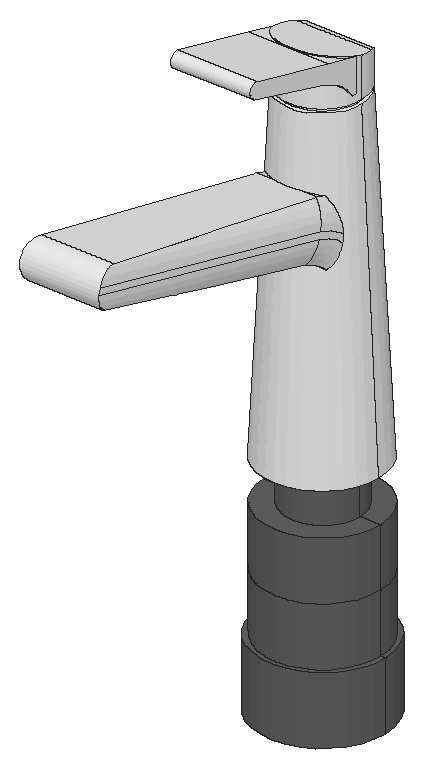
Revit family "LQ1045551_Grifería para Lavamanos Monocontrol Liquid Niquel Media", category Plumbing Fixtures, Revit 2019
Family settings
  Round Connector Dimension = Use Diameter
  Part Type = Normal
  OmniClass Number = 23.31.11.00
  OmniClass Title = Faucets
  Work Plane-Based = No
  Always vertical = Yes
  Cut with Voids When Loaded = No
  Shared = No
  Room Calculation Point = No
Parameters
  Vida útil = "500.000 ciclos."  # constant formula
  Uso = "Residencial"  # constant formula
  URL = "https://corona.co/productos/griferias/griferia-lavamanos-liquid-monocontrol/p/LQ1045551"
  Tipo de manija/accionamiento = "Palanca"  # constant formula
  Tipo de Grifería = "Monocontrol"  # constant formula
  Tipo de Chorro = "Espumoso"  # constant formula
  Temperaturas mínima de trabajo = "5°C / 41 °F"  # constant formula
  Temperaturas máxima de trabajo = "71°C / 159,8°F"  # constant formula
  Tecnologías = "DuraCrome EcoStream ThermoControl"  # constant formula
  Sistema de accionamiento = "Palanca monocontrol"  # constant formula
  Resistencia = "Resistente a la corrosión pelado y decoloración por agua"  # constant formula
  Productos compatibles = "Lavamanos de mesón integrado, Lavamanos para sobreponer, Lavamanos para incrustar\r\nLavamanos de pedestal, Lavamanos de semipedestal,Lavamanos de colgar"  # constant formula
  Presión mínima recomendada = "20 psi (140 Kpa)"  # constant formula
  Presión máxima recomendada = "125 psi (860 Kpa)"  # constant formula
  Peso neto = "1.320 g. - 2,91 lb."  # constant formula
  Peso  Bruto = "1.480 g. - 3,26 lb."  # constant formula
  Material = "Metálico"  # constant formula
  Longitud = 181 mm
  Linea = "Liquid"  # constant formula
  Incluye = "Cuerpo, Manija"  # constant formula
  Garantías de otros componentes = "5 años en acabados"  # constant formula
  Garantía = "30 años en estructura"  # constant formula
  Fecha de creación = "09/10/2020"  # constant formula
  Description = "La línea de griferías, duchas y accesorios Liquid se inspira en la tensión superficial del agua y en cómo esta crea formas armoniosas adaptándose al ambiente. Al igual que el agua, las superficies de las griferías Liquid juegan con la luz y los reflejos que fluyen alrededorde sus formas, sus líneas continuas y simplicidad formal proporcionan la ventaja práctica y limpieza sin esfuerzo.\r\nIncluye la tecnología Ecostream, de ahorro de agua; y la tecnología ThermoControl, de control más preciso de la temperatura.\r\nIncluye apertura con accionamiento central en frío que evita el encendido automático de calentadores y calderas ahorrando energía; además, es de fácil limpieza gracias al diseño que evita la acumulación de impurezas, es resistente a la corrosión, pelado y decoloración por agua y tiene recubrimientos no tóxicos."  # constant formula
  Creado por = "IDD"  # constant formula
  Consumo de agua = "5.7 lt"  # constant formula
  Colección = "Liquid"  # constant formula
  Capacidad de flujo = "60 psi: 4,86 L/min."  # constant formula
  Ancho = 54 mm
  Altura de la grifería = "Media"  # constant formula
  Alto = 192 mm
  Acabado = Corona_Niquel
Reference planes
  plane 1 "Center (Front/Back)": y = 0
  plane 2: z = 0
  plane 3 "Center (Left/Right)": x = 0
Forms (mm)
  Revolve 1, solid, material "Corona_Acero_Negro Mate", detail levels medium+fine
    sketch origin (0, 0, 0) x (1, 0, 0) y (0, 0, 1)
      loop
        line (17.442, 0) -> (0, 0) -> (0, -21.393) -> (17.442, -21.393) -> (17.442, 0)
      axis (0, 0) -> (0, -21.393)
    angle from 0 to 360
  Revolve 2, solid, material "Corona_Acero_Negro Mate", detail levels medium+fine
    sketch origin (0, 0, 0) x (1, 0, 0) y (0, 0, 1)
      loop
        line (17.442, -19.243) -> (17.442, -21.393) -> (0, -21.393) -> (0, -46.743) -> (27.248, -46.743) -> (27.248, -19.243) -> (17.442, -19.243)
      axis (0, -19.243) -> (0, -46.743)
    angle from 0 to 360
  Revolve 3, solid, material "Corona_Acero_Negro Mate", detail levels medium+fine
    sketch origin (0, 0, 0) x (1, 0, 0) y (0, 0, 1)
      loop
        line (27.248, -46.743) -> (0, -46.743) -> (0, -105.915) -> (29.634, -105.915) -> (29.634, -74.243) -> (27.248, -74.243) -> (27.248, -46.743)
      axis (0, -46.743) -> (0, -105.915)
    angle from 0 to 360
  Blend 4, solid, material "Corona_Niquel" <- "Acabado", detail levels medium+fine
    base sketch origin (-0.443, 0.017, 0) x (-0.999956, 0.009361, 0) y (-0.009361, -0.999956, 0)
      loop
        circle (0, 0) r 27
    top sketch origin (-0.443, 0.017, 0) x (-0.999956, 0.009361, 0) y (-0.009361, -0.999956, 0)
      loop
        circle (0, 0) r 19
    from 0 to 153.7
  Extrusion 5, solid, material "Corona_Niquel" <- "Acabado", detail levels medium+fine
    sketch origin (-0.443, 0.017, 153.7) x (-0.999956, 0.009361, 0) y (-0.009361, -0.999956, 0)
      loop
        circle (0, 0) r 17
    from 0 to 2
  Extrusion 6, solid, material "Corona_Niquel" <- "Acabado", detail levels medium+fine
    sketch origin (-0.443, 0.017, 155.7) x (-0.999956, 0.009361, 0) y (-0.009361, -0.999956, 0)
      loop
        circle (0, 0) r 19
    from 0 to 31.914
  Extrusion 7, void
    sketch origin (-0.443, 0.017, -61.3) x (-0.009361, -0.999956, 0) y (0, 0, 1)
      loop
        line (-19.012, 217) -> (-19.012, 219.18)
        arc (-19.012, 219.18) -> (-15.816, 228.452) -> (-7.586, 233.786) r 15.048
        line (-7.586, 233.786) -> (21.48, 240.992) -> (21.48, 255.992) -> (-21.355, 255.992) -> (-21.355, 217) -> (-19.012, 217)
    from -22.215 to 21.621
  Sweep 8, solid, material "Corona_Niquel" <- "Acabado", detail levels medium+fine
    path origin (-0.443, 0.017, -61.3) x (-0.009361, -0.999956, 0) y (0, 0, 1)
      loop
        line (152.333, 202.328) -> (24.257, 170.395)
        arc (24.257, 170.395) -> (6.783, 159.048) -> (0, 139.347) r 31.999
    profile origin (-1.27, -88.274, 125.062) x (-0.002265, -0.241911, -0.970296) y (-0.999956, 0.009361, 0)
      loop
        line (-1.496, -18.68) -> (1.496, -18.68)
        arc (1.496, -18.68) -> (14.224, -13.408) -> (19.496, -0.68) r 18
        line (19.496, -0.68) -> (19.496, 0.68)
        arc (19.496, 0.68) -> (14.224, 13.408) -> (1.496, 18.68) r 18
        line (1.496, 18.68) -> (-1.496, 18.68)
        arc (-1.496, 18.68) -> (-14.224, 13.408) -> (-19.496, 0.68) r 18
        line (-19.496, 0.68) -> (-19.496, -0.68)
        arc (-19.496, -0.68) -> (-14.224, -13.408) -> (-1.496, -18.68) r 18
  Extrusion 9, void
    sketch origin (-0.443, 0.017, -61.3) x (-0.009361, -0.999956, 0) y (0, 0, 1)
      loop
        arc (20.185, 183.151) -> (-1.739, 169.216) -> (-9.196, 144.332) r 37.194
        line (-9.196, 144.332) -> (10.055, 144.332)
        arc (10.055, 144.332) -> (18.924, 153.564) -> (30.446, 159.142) r 36.283
        line (30.446, 159.142) -> (145.274, 191.353)
        arc (145.274, 191.353) -> (150.977, 202.312) -> (140.407, 208.705) r 9.029
        line (140.407, 208.705) -> (20.185, 183.151)
      loop
        line (-31.284, 201.831) -> (-29.334, 112.043) -> (227.02, 179.181) -> (203.497, 263.32) -> (-31.284, 201.831)
    from -47.169 to 45.809
  Extrusion 10, solid, material "Corona_Niquel" <- "Acabado", detail levels medium+fine
    sketch origin (-0.443, 0.017, -61.3) x (-0.009361, -0.999956, 0) y (0, 0, 1)
      loop
        line (18.929, 240.068) -> (0, 235.348) -> (0, 220.637) -> (5, 220.637)
        arc (5, 220.637) -> (12.232, 227.743) -> (21.383, 232.108) r 30.716
        line (21.383, 232.108) -> (61.553, 243.627)
        arc (61.553, 243.627) -> (64.051, 247.784) -> (59.894, 250.281) r 3.429
        line (59.894, 250.281) -> (18.929, 240.068)
    from -18.68 to 18.68
  Revolve 11, solid, material "Corona_Niquel" <- "Acabado", detail levels medium+fine
    sketch origin (-0.443, 0.017, -61.3) x (-0.009361, -0.999956, 0) y (0, 0, 1)
      loop
        line (16.924, 226.502) -> (20.694, 226.502) -> (20.694, 229.502) -> (16.924, 229.502) -> (16.924, 226.502)
      axis (20.694, 226.502) -> (16.924, 226.502)
    angle from 0 to 360
  Sweep 12, solid, material "Corona_Niquel" <- "Acabado", detail levels medium+fine
    path origin (-0.985, -13.277, -112.097) x (-0.999956, 0.009361, 0) y (-0.009042, -0.965883, 0.258819)
      loop
        circle (0, 165.01) r 12
    profile origin (-2.585, -184.248, -66.283) x (0.009042, 0.965883, -0.258819) y (0.002423, 0.258808, 0.965926)
      loop
        line (-0.963, 200.526) -> (-0.963, 197.441)
        arc (-0.963, 197.441) -> (0, 196.478) -> (0.963, 197.441) r 0.963
        line (0.963, 197.441) -> (0.963, 199.986) -> (-0.963, 200.526)
Cuts and joins
  Extrusion 7 cuts Extrusion 6
  Extrusion 9 cuts Sweep 8
  Extrusion 9 cuts Sweep 12
Dimensions and locks
  aligned and locked: level to plane 2
  aligned and locked: nested 3 to nested 4
  aligned and locked: nested 4 to nested 1
Nested families
  nested 1: "Right" at (0, 0, 0) x (0, -1, 0) z (1, 0, 0), type "Right"
  nested 2: "Family2" at (0, 0, 0) x (1, 0, 0) z (0, -1, 0), type "Family2"
  nested 3: "Family1" at (0, 0, 0), type "Family1"
  nested 4: "Visualizacion Baja" at (0, -151.388, -105.915), type "Visualizacion Baja", detail levels coarse
    with Width 54 mm, Height 297.5 mm, Depth 181 mm, Base Height 0 mm
Connectors
  piping at (0, 0, 0), diameter 25.4
    settings: on Revolve 1, index 1, connector inside diameter 609.6 mm, connector length 0 mm, flow factor 0, pipe flow 0.0 L/s, pressure drop 0.0 Pa, fitting loss kfactor 0, connector angle 0.00°, fixture units 0, engagement length 0 mm, angle of deflection 0.00°, flow configuration 0, flow direction 0, fitting loss method 0, system type 7, joint type 0, gender type 0, connector reference index -1, connector utility 0, adjustable connector no, is connector primary yes, connector description ""
  piping at (0, 0, 0), diameter 25.4
    settings: on Revolve 1, index 2, connector inside diameter 609.6 mm, connector length 0 mm, flow factor 0, pipe flow 0.0 L/s, pressure drop 0.0 Pa, fitting loss kfactor 0, connector angle 0.00°, fixture units 0, engagement length 0 mm, angle of deflection 0.00°, flow configuration 0, flow direction 0, fitting loss method 0, system type 7, joint type 0, gender type 0, connector reference index -1, connector utility 0, adjustable connector no, is connector primary no, connector description ""
Definition of nested family "Visualizacion Baja"
  Parameters (values of type "Visualizacion Baja")
    Width = 350 mm
    Height = 350 mm
    Depth = 350 mm
    Base Height = 900 mm
    BIMBAU_Material = none
  Reference planes
    plane 1 "Center (Front/Back)": y = 0
    plane 2: z = 0
    plane 3 "Center (Left/Right)": x = 0
    plane 4: x = -175
    plane 5: x = 175
    plane 6: z = 1250
    plane 7: z = 900
    plane 8: y = 350
    plane 9: y = 175
  Forms (mm)
    Extrusion 1, solid, material <- "BIMBAU_Material"
      sketch origin (0, 0, 0) x (1, 0, 0) y (0, 0, 1)
        loop
          line (-175, 1250) -> (-175, 900) -> (175, 900) -> (175, 1250) -> (-175, 1250)
      from 0 to -350
  Dimensions and locks
    "Height": plane 6 to plane 7
    equal spacing: plane 5, plane 3 "Center (Left/Right)", plane 4
    "Width": plane 5 to plane 4
    "Depth": plane 8 to plane 1 "Center (Front/Back)"
    "Base Height": plane 7 to level
    equal spacing: plane 1 "Center (Front/Back)", plane 9, plane 8
    aligned and locked: level to plane 2
    aligned and locked: Extrusion 1 sketch curve to plane 6
    aligned and locked: Extrusion 1 sketch curve to plane 5
    aligned and locked: plane 7 to Extrusion 1 sketch curve
    aligned and locked: plane 4 to Extrusion 1 sketch curve
    aligned and locked: Extrusion 1 to plane 8
Definition of nested family "Right"
  Reference planes
    plane 1 "Center (Front/Back)": y = 0
    plane 2: z = 0
    plane 3 "Center (Left/Right)": x = 0
  Lines and regions (mm)
    model lines, in view "Ref. Level"
      curve 1: line (-24.777, 0, 0) -> (24.683, 0, 0)
      curve 2: line (24.683, 0, 0) -> (21.179, 94.173, 0)
      curve 3: spline (144.977, 130.33, 0) -> (135.417, 127.648, 0) -> (125.858, 124.966, 0) -> (116.298, 122.283, 0) -> (106.739, 119.601, 0) -> (97.18, 116.919, 0) -> (87.622, 114.237, 0) -> (78.063, 111.556, 0) -> (68.505, 108.874, 0) -> (58.946, 106.192, 0) -> (49.388, 103.51, 0) -> (39.831, 100.828, 0) -> (30.273, 98.146, 0)
      curve 4: spline (30.273, 98.146, 0) -> (29.468, 97.91, 0) -> (28.669, 97.656, 0) -> (27.877, 97.384, 0) -> (27.093, 97.095, 0) -> (26.318, 96.788, 0) -> (25.551, 96.463, 0) -> (24.794, 96.122, 0) -> (24.048, 95.764, 0) -> (23.313, 95.39, 0) -> (22.589, 95, 0) -> (21.877, 94.594, 0) -> (21.179, 94.173, 0)
      curve 5: line (151.442, 138.796, 0) -> (144.977, 130.33, 0)
      curve 6: spline (150.684, 141.692, 0) -> (150.791, 141.465, 0) -> (150.89, 141.234, 0) -> (150.982, 141, 0) -> (151.065, 140.763, 0) -> (151.141, 140.524, 0) -> (151.209, 140.282, 0) -> (151.268, 140.038, 0) -> (151.32, 139.792, 0) -> (151.363, 139.545, 0) -> (151.397, 139.296, 0) -> (151.424, 139.047, 0) -> (151.442, 138.796, 0)
      curve 7: line (138.89, 147.428, 0) -> (150.684, 141.692, 0)
      curve 8: spline (20.065, 122.164, 0) -> (29.965, 124.269, 0) -> (39.865, 126.374, 0) -> (49.766, 128.479, 0) -> (59.668, 130.584, 0) -> (69.569, 132.689, 0) -> (79.471, 134.795, 0) -> (89.374, 136.9, 0) -> (99.276, 139.005, 0) -> (109.179, 141.111, 0) -> (119.083, 143.216, 0) -> (128.987, 145.322, 0) -> (138.89, 147.428, 0)
      curve 9: line (-19.047, 154, 0) -> (18.953, 154, 0)
      curve 10: spline (20.646, 168.502, 0) -> (20.639, 168.399, 0) -> (20.632, 168.1, 0) -> (20.626, 167.623, 0) -> (20.622, 167.002, 0) -> (20.619, 166.278, 0) -> (20.618, 165.502, 0) -> (20.619, 164.725, 0) -> (20.622, 164.002, 0) -> (20.626, 163.38, 0) -> (20.632, 162.903, 0) -> (20.639, 162.604, 0) -> (20.646, 162.502, 0)
      curve 11: line (-24.777, 0, 0) -> (-19.047, 154, 0)
      curve 12: line (-17.06, 156, 0) -> (-17.06, 154, 0)
      curve 13: line (16.887, 156, 0) -> (16.887, 154, 0)
      curve 14: line (18.953, 154, 0) -> (20.065, 122.164, 0)
      curve 15: line (108.692, 120.149, 0) -> (109.434, 117.38, 0)
      curve 16: line (109.434, 117.38, 0) -> (134.82, 124.182, 0)
      curve 17: line (134.82, 124.182, 0) -> (133.944, 127.45, 0)
      curve 18: line (18.953, 156, 0) -> (18.953, 162.502, 0)
      curve 19: line (18.953, 162.502, 0) -> (20.646, 162.502, 0)
      curve 20: line (18.953, 162.502, 0) -> (20.646, 162.502, 0)
      curve 21: line (20.646, 162.502, 0) -> (20.646, 168.502, 0)
      curve 22: line (20.646, 168.502, 0) -> (18.953, 168.502, 0)
      curve 23: line (18.953, 168.502, 0) -> (18.953, 170.475, 0)
      curve 24: line (18.953, 170.475, 0) -> (69.274, 184.905, 0)
      curve 25: line (67.385, 191.494, 0) -> (-7.551, 172.849, 0)
      curve 26: arc (-19.047, 156, 0) -> (-16.509, 166.615, 0) -> (-7.551, 172.849, 0) r 15.325
      curve 27: arc (67.385, 191.494, 0) -> (71.509, 189.111, 0) -> (69.274, 184.905, 0) r 3.429
      curve 28: line (-19.047, 156, 0) -> (18.953, 156, 0)
      curve 45: line (17.465, -21.393, 0) -> (-17.419, -21.393, 0)
      curve 46: line (27.271, -19.243, 0) -> (17.271, -19.243, 0)
      curve 47: line (27.271, -46.743, 0) -> (27.271, -19.243, 0)
      curve 48: line (-27.225, -46.743, 0) -> (27.271, -46.743, 0)
      curve 49: line (-27.225, -19.243, 0) -> (-27.225, -46.743, 0)
      curve 50: line (-17.419, -19.243, 0) -> (-27.225, -19.243, 0)
      curve 51: line (-27.225, -74.243, 0) -> (-27.225, -46.743, 0)
      curve 52: line (27.271, -46.743, 0) -> (27.271, -74.243, 0)
      curve 53: line (-29.612, -74.243, 0) -> (29.657, -74.243, 0)
      curve 54: line (-29.612, -105.915, 0) -> (-29.612, -74.243, 0)
      curve 55: line (29.657, -74.243, 0) -> (29.657, -105.915, 0)
      curve 56: line (29.657, -105.915, 0) -> (-29.612, -105.915, 0)
    detail lines, in view "Ref. Level"
      curve 29: line (0, -361.43, -21.393) -> (0, -361.43, 0)
      curve 30: line (0, -396.314, -21.393) -> (0, -361.43, -21.393)
      curve 31: line (0, -396.314, 0) -> (0, -396.314, -21.393)
      curve 32: line (0, -361.43, -19.243) -> (0, -351.624, -19.243)
      curve 33: line (0, -351.624, -19.243) -> (0, -351.624, -46.743)
      curve 34: line (0, -351.624, -46.743) -> (0, -406.12, -46.743)
      curve 35: line (0, -406.12, -46.743) -> (0, -406.12, -19.243)
      curve 36: line (0, -406.12, -19.243) -> (0, -396.12, -19.243)
      curve 37: line (0, -351.624, -46.743) -> (0, -406.12, -46.743)
      curve 38: line (0, -351.624, -74.243) -> (0, -351.624, -46.743)
      curve 39: line (0, -406.12, -74.243) -> (0, -351.624, -74.243)
      curve 40: line (0, -406.12, -46.743) -> (0, -406.12, -74.243)
      curve 41: line (0, -349.238, -74.243) -> (0, -408.506, -74.243)
      curve 42: line (0, -349.238, -105.915) -> (0, -349.238, -74.243)
      curve 43: line (0, -408.506, -105.915) -> (0, -349.238, -105.915)
      curve 44: line (0, -408.506, -74.243) -> (0, -408.506, -105.915)
      curve 57: line (-17.419, -21.393, 0) -> (-17.419, 0, 0)
      curve 58: line (17.465, -21.393, 0) -> (17.465, 0, 0)
Definition of nested family "Family2"
  Reference planes
    plane 1 "Center (Front/Back)": y = 0
    plane 2: z = 0
    plane 3 "Center (Left/Right)": x = 0
  Lines and regions (mm)
    detail lines, in view "Ref. Level"
      curve 1: line (-26.83, 0, 0) -> (26.83, 0, 0)
      curve 2: line (26.83, 0, 0) -> (22.913, 180.304, 0)
      curve 3: line (-26.83, 0, 0) -> (-22.913, 180.304, 0)
      curve 4: arc (-22.913, 180.304, 0) -> (0, 191.585, 0) -> (22.913, 180.304, 0) r 28.911
      curve 5: arc (24.137, 123.982, 0) -> (0, 137.673, 0) -> (-24.137, 123.982, 0) r 28.122
      curve 6: line (23.646, 146.593, 0) -> (-23.646, 146.593, 0)
      curve 7: line (-23.71, 143.646, 0) -> (23.71, 143.646, 0)
      curve 8: spline (0, 106.373, 0) -> (3.418, 106.543, 0) -> (6.603, 107.042, 0) -> (9.339, 107.837, 0) -> (11.437, 108.873, 0) -> (12.757, 110.079, 0) -> (13.207, 111.373, 0) -> (12.757, 112.667, 0) -> (11.437, 113.873, 0) -> (9.339, 114.908, 0) -> (6.603, 115.703, 0) -> (3.418, 116.202, 0) -> (0, 116.373, 0) -> (-3.418, 116.202, 0) -> (-6.603, 115.703, 0) -> (-9.339, 114.908, 0) -> (-11.437, 113.873, 0) -> (-12.757, 112.667, 0) -> (-13.207, 111.373, 0) -> (-12.757, 110.079, 0) -> (-11.437, 108.873, 0) -> (-9.339, 107.837, 0) -> (-6.603, 107.042, 0) -> (-3.418, 106.543, 0) -> (0, 106.373, 0)
      curve 9: spline (0, 108.074, 0) -> (2.173, 108.155, 0) -> (4.199, 108.391, 0) -> (5.938, 108.766, 0) -> (7.272, 109.254, 0) -> (8.111, 109.823, 0) -> (8.397, 110.434, 0) -> (8.111, 111.044, 0) -> (7.272, 111.614, 0) -> (5.938, 112.102, 0) -> (4.199, 112.477, 0) -> (2.173, 112.713, 0) -> (0, 112.793, 0) -> (-2.173, 112.713, 0) -> (-4.199, 112.477, 0) -> (-5.938, 112.102, 0) -> (-7.272, 111.614, 0) -> (-8.111, 111.044, 0) -> (-8.397, 110.434, 0) -> (-8.111, 109.823, 0) -> (-7.272, 109.254, 0) -> (-5.938, 108.766, 0) -> (-4.199, 108.391, 0) -> (-2.173, 108.155, 0) -> (0, 108.074, 0)
      curve 10: line (-17.558, 0, 0) -> (-17.558, -21.393, 0)
      curve 11: line (-17.558, -21.393, 0) -> (17.442, -21.393, 0)
      curve 12: line (17.442, -21.393, 0) -> (17.442, 0, 0)
      curve 13: line (-17.558, -19.243, 0) -> (-27.248, -19.243, 0)
      curve 14: line (-27.248, -19.243, 0) -> (-27.248, -74.243, 0)
      curve 15: line (-27.248, -74.243, 0) -> (-28.443, -74.243, 0)
      curve 16: line (-28.443, -74.243, 0) -> (-29.634, -74.243, 0)
      curve 17: line (-29.634, -74.243, 0) -> (-29.634, -105.915, 0)
      curve 18: line (-29.634, -105.915, 0) -> (0, -105.915, 0)
      curve 19: line (17.442, -21.393, 0) -> (-17.558, -21.393, 0)
      curve 20: line (17.442, -19.243, 0) -> (27.248, -19.243, 0)
      curve 21: line (27.248, -19.243, 0) -> (27.248, -74.243, 0)
      curve 22: line (27.248, -74.243, 0) -> (28.443, -74.243, 0)
      curve 23: line (28.443, -74.243, 0) -> (29.634, -74.243, 0)
      curve 24: line (29.634, -74.243, 0) -> (29.634, -105.915, 0)
      curve 25: line (29.634, -105.915, 0) -> (0, -105.915, 0)
      curve 26: line (-27.248, -46.743, 0) -> (27.248, -46.743, 0)
      curve 27: line (-28.443, -74.243, 0) -> (27.248, -74.243, 0)
Definition of nested family "Family1"
  Reference planes
    plane 1 "Center (Front/Back)": y = 0
    plane 2: z = 0
    plane 3 "Center (Left/Right)": x = 0
  Lines and regions (mm)
    model lines, in view "Ref. Level"
      curve 1: arc (17.943, -23.6, 0) -> (26.499, -13.192, 0) -> (29.562, -0.071, 0) r 29.634
      curve 2: arc (29.562, -0.071, 0) -> (-12.424, 26.867, 0) -> (-19.409, -22.527, 0) r 29.634
      curve 3: arc (27.176, -0.071, 0) -> (-10.474, 25.114, 0) -> (-19.379, -19.299, 0) r 27.248
      curve 4: arc (17.972, -20.488, 0) -> (24.769, -11.269, 0) -> (27.176, -0.071, 0) r 27.248
      curve 5: arc (18.132, -3.463, 0) -> (1.404, 19.085, 0) -> (-19.515, 0.36, 0) r 19
      curve 6: line (17.492, -71.846, 0) -> (18.132, -3.463, 0)
      curve 7: line (-19.227, -3.113, 0) -> (-19.871, -71.846, 0)
      curve 8: arc (-19.515, 0.36, 0) -> (-19.451, -1.383, 0) -> (-19.227, -3.113, 0) r 19
      curve 9: line (16.33, -151.449, 0) -> (16.33, -71.846, 0)
      curve 10: line (-1.771, -71.846, 0) -> (17.492, -71.846, 0)
      curve 11: line (-18.709, -151.121, 0) -> (16.33, -151.449, 0)
      curve 12: line (-1.771, -71.846, 0) -> (-19.871, -71.846, 0)
      curve 13: line (-18.709, -71.846, 0) -> (-18.709, -151.121, 0)
